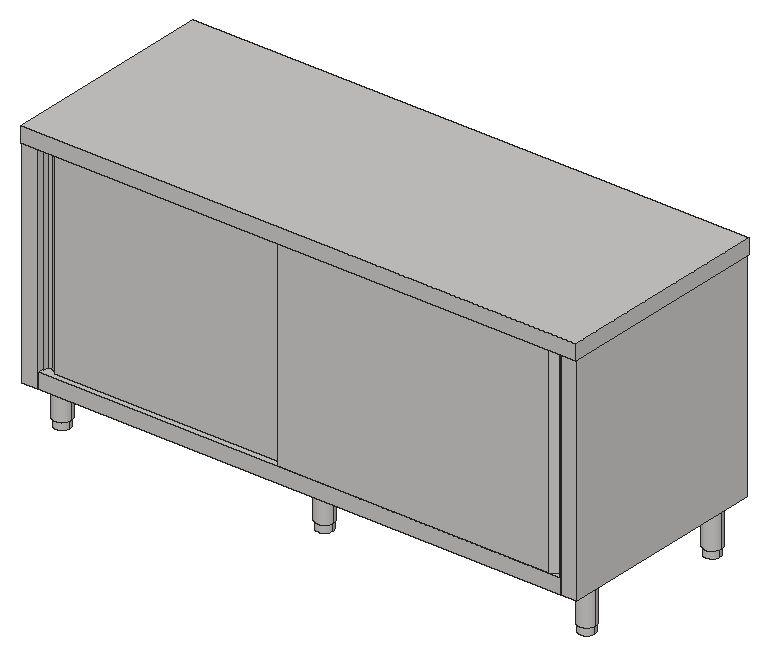
Revit family "QF_ZANUSSI_133247_MTND1800PN", category Attrezzature speciali, Revit 2020
Family settings
  Quota connettore circolare = Usa diametro
  Tipo di parte = Normale
  Basato su piano di lavoro = No
  Sempre verticale = Sì
  Taglio con vuoti quando caricato = No
  Condiviso = No
  Punto di calcolo locali = No
Parameters (values of type "Standard")
  Weight = 70.00 kg
  Watts = 0 W
  Volts = 0 V
  URL Manufacturer = "http://www.zanussiprofessional.com"
  URL = "http://www.zanussiprofessional.com"
  Steam Supply Size = 0 mm
  Steam Supply Minimum Pressure = 0.0 Pa
  Steam Supply Maximum Pressure = 0.0 Pa
  Steam Consumption per Hour = 0
  Refrigeration Suction Line Size = 0.0 mm
  Refrigeration Liquid Line Size = 0.0 mm
  Refrigerant Compressor Remote = yes
  Prospetto di default = 0.0 mm
  Produttore = "Zanussi"
  Phase = 0
  Modello = "MTND1800PN"
  Length Actual = 1800.0 mm  # constant formula
  Item Number = "133247"
  Hot Water Size = 0 mm
  Height Actual = 900.0 mm  # constant formula
  HP = "0 HP"
  Gas Size = 0 mm
  Gas KW = 0
  Gas Input Pressure = 0 W
  Direct Waste Size = 0 mm
  Descrizione = "WORKTOP CUPB.PASSTH+SHELF+SLIDING D.1800"
  Depth Actual = 700.0 mm  # constant formula
  Cycle = 0 Hz
  Condensate Return Size = 0 mm
  Compressed Air Volume = 0.0 L/s
  Compressed Air Size = 0 mm
  Compressed Air Pressure = 0.0 Pa
  Cold Water Size = 0 mm
  Accessory = yes
Reference planes
  plane 1 "Center (Front/Back)": y = 0
  plane 2: z = 0
  plane 3 "Center (Left/Right)": x = -400
  plane 4 "LEFT": x = -1300
  plane 5 "RIGHT": x = 500
  plane 6 "BACK": y = 350
  plane 7 "FRONT": y = -350
  plane 8 "Base": z = 850
  plane 9 "TOP": z = 900
  plane 10: x = -1250
  plane 11: x = 450
  plane 12: y = 267
  plane 13: y = -241.9
  plane 14 "BodyLeft": x = -1299
  plane 15 "BodyFront": y = -344.5
  plane 16 "BodyRight": x = 499
  plane 17 "BodyBack": y = 344.5
  plane 18 "FEET": z = 150
  plane 19: x = -330
  plane 20: x = -470
Forms (mm)
  Extrusion 1, solid, material "QF_Finishes_Stainless Steel"
    sketch origin (-400, 0, 0) x (0, 1, 0) y (0, 0, 1)
      loop
        line (-350, 850) -> (350, 850) -> (350, 900) -> (-350, 900) -> (-350, 850)
    from 900 to -900
  Extrusion 2, solid, material "QF_Finishes_Stainless Steel"
    sketch origin (0, 0, 150) x (-1, 0, 0) y (0, -1, 0)
      loop
        line (1299, -344.5) -> (1299, 344.5) -> (1249, 344.5) -> (1249, -344.5) -> (1299, -344.5)
      loop
        line (-449, -344.5) -> (-449, 344.5) -> (-499, 344.5) -> (-499, -344.5) -> (-449, -344.5)
    from 0 to 700
  Extrusion 3, solid, material "QF_Finishes_Stainless Steel"
    sketch origin (0, 0, 150) x (-1, 0, 0) y (0, -1, 0)
      loop
        line (1249, -344.5) -> (1249, 344.5) -> (-449, 344.5) -> (-449, -344.5) -> (1249, -344.5)
    from 0 to 50
  Extrusion 4, solid, material "QF_Finishes_Stainless Steel"
    sketch origin (0, 0, 150) x (-1, 0, 0) y (0, -1, 0)
      loop
        line (-449, 344.5) -> (-449, 324.5) -> (470, 324.5) -> (470, 344.5) -> (-409, 344.5) -> (-429, 329.5) -> (-444, 329.5) -> (-444, 344.5) -> (-449, 344.5)
    from 50 to 700
  Extrusion 5, solid, material "QF_Finishes_Stainless Steel"
    sketch origin (0, 20, 150) x (1, 0, 0) y (0, 1, 0)
      loop
        line (-1249, -344.5) -> (-1244, -344.5) -> (-1244, -329.5) -> (-1229, -329.5) -> (-1209, -344.5) -> (-330, -344.5) -> (-330, -324.5) -> (-1249, -324.5) -> (-1249, -344.5)
    from 50 to 700
  Extrusion 6, solid, material "QF_Finishes_Stainless Steel"
    sketch origin (0, 0, 150) x (-1, 0, 0) y (0, -1, 0)
      loop
        line (-447.6, -344.5) -> (-442.6, -344.5) -> (-442.6, -329.5) -> (-427.6, -329.5) -> (-407.6, -344.5) -> (470, -344.5) -> (470, -324.5) -> (-447.6, -324.5) -> (-447.6, -344.5)
    from 50 to 700
  Extrusion 7, solid, material "QF_Finishes_Stainless Steel"
    sketch origin (0, -20, 150) x (1, 0, 0) y (0, 1, 0)
      loop
        line (-1247.6, 344.5) -> (-1247.6, 324.5) -> (-330, 324.5) -> (-330, 344.5) -> (-1207.6, 344.5) -> (-1227.6, 329.5) -> (-1242.6, 329.5) -> (-1242.6, 344.5) -> (-1247.6, 344.5)
    from 50 to 700
  Extrusion 8, solid, material "QF_Finishes_Stainless Steel"
    sketch origin (0, 0, 0) x (1, 0, 0) y (0, 1, 0)
      loop
        line (-1249, -304.5) -> (449, -304.5) -> (449, 304.5) -> (-1249, 304.5) -> (-1249, -304.5)
    from 500 to 540
Lines and regions (mm)
  symbolic lines
    curve 1: line (500, 350, 900) -> (-1300, 350, 900)
    curve 2: line (-1300, 350, 900) -> (-1300, -350, 900)
    curve 3: line (-1300, -350, 900) -> (500, -350, 900)
    curve 4: line (500, -350, 900) -> (500, 350, 900)
  symbolic lines, style "SpecialityEquipmentHiddenLines"
    curve 5: line (-1299, 344.5, 150) -> (499, 344.5, 150)
    curve 6: line (-1299, -344.5, 150) -> (-1299, 344.5, 150)
    curve 7: line (499, -344.5, 150) -> (-1299, -344.5, 150)
    curve 8: line (499, 344.5, 150) -> (499, -344.5, 150)
    curve 9: line (-1249, -304.5, 150) -> (-330, -304.5, 150)
    curve 10: line (-330, -304.5, 150) -> (-330, -324.5, 150)
    curve 11: line (-1249, -324.5, 150) -> (449, -324.5, 150)
    curve 12: line (449, -324.5, 150) -> (449, -344.5, 150)
    curve 13: line (-470, -324.5, 150) -> (-470, -344.5, 150)
    curve 14: line (-1249, -304.5, 150) -> (-1249, -324.5, 150)
Dimensions and locks
  plane 4 "LEFT" to plane 5 "RIGHT" = 1800.0 mm
  equal spacing: plane 4 "LEFT", plane 3 "Center (Left/Right)", plane 5 "RIGHT"
  locked: plane 8 "Base" to level at 850
  plane 9 "TOP" to level = 900.0 mm
  plane 6 "BACK" to plane 7 "FRONT" = 700.0 mm
  equal spacing: plane 6 "BACK", plane 1 "Center (Front/Back)", plane 7 "FRONT"
  locked: plane 4 "LEFT" to plane 14 "BodyLeft" at 1
  locked: plane 16 "BodyRight" to plane 5 "RIGHT" at 1
  locked: plane 15 "BodyFront" to plane 7 "FRONT" at 5.5
  locked: plane 6 "BACK" to plane 17 "BodyBack" at 5.5
  locked: plane 14 "BodyLeft" to plane 10 at 49
  locked: plane 11 to plane 16 "BodyRight" at 49
  locked: plane 13 to plane 15 "BodyFront" at 102.6
  locked: plane 17 "BodyBack" to plane 12 at 77.5
  plane 10 to plane 11 = 1700.0 mm
  plane 12 to plane 13 = 508.9 mm
  locked: plane 14 "BodyLeft" to Extrusion 2 sketch curve at 50
  locked: Extrusion 2 sketch curve to Extrusion 2 sketch curve at 50
  plane 20 to plane 3 "Center (Left/Right)" = 70.0 mm
  plane 3 "Center (Left/Right)" to plane 19 = 70.0 mm
  locked: plane 18 "FEET" to level at 150
  aligned and locked: level to plane 2
  aligned and locked: plane 10 to nested 1
  aligned and locked: nested 1 to plane 13
  aligned and locked: plane 11 to nested 2
  aligned and locked: nested 2 to plane 13
  aligned and locked: plane 11 to nested 4
  aligned and locked: nested 4 to plane 12
  aligned and locked: plane 10 to nested 3
  aligned and locked: nested 3 to plane 12
  aligned and locked: Extrusion 1 to plane 4 "LEFT"
  aligned and locked: plane 5 "RIGHT" to Extrusion 1
  aligned and locked: curve 2 to plane 4 "LEFT"
  aligned and locked: plane 17 "BodyBack" to Extrusion 2 sketch curve
  aligned and locked: Extrusion 2 sketch curve to plane 15 "BodyFront"
  aligned and locked: Extrusion 2 sketch curve to plane 14 "BodyLeft"
  aligned and locked: plane 16 "BodyRight" to Extrusion 2 sketch curve
  aligned and locked: Extrusion 2 sketch curve to plane 17 "BodyBack"
  aligned and locked: plane 15 "BodyFront" to Extrusion 2 sketch curve
  aligned and locked: Extrusion 3 sketch curve to plane 17 "BodyBack"
  aligned and locked: plane 15 "BodyFront" to Extrusion 3 sketch curve
  aligned and locked: plane 8 "Base" to Extrusion 2
  aligned and locked: plane 8 "Base" to Extrusion 4
  aligned and locked: Extrusion 4 to Extrusion 3
  aligned and locked: Extrusion 5 sketch curve to plane 19
  aligned and locked: Extrusion 4 sketch curve to plane 20
  aligned and locked: Extrusion 1 to plane 8 "Base"
  aligned and locked: plane 9 "TOP" to Extrusion 1
  aligned and locked: curve 5 to plane 17 "BodyBack"
  aligned and locked: plane 14 "BodyLeft" to curve 6
  aligned and locked: plane 15 "BodyFront" to curve 7
  aligned and locked: plane 16 "BodyRight" to curve 8
  aligned and locked: Extrusion 3 to Extrusion 2  (x2)
  aligned and locked: Extrusion 8 sketch curve to Extrusion 7
  aligned and locked: Extrusion 8 sketch curve to Extrusion 2  (x2)
  aligned and locked: Extrusion 8 sketch curve to Extrusion 5
  aligned and locked: plane 3 "Center (Left/Right)" to nested 5
  aligned and locked: plane 3 "Center (Left/Right)" to nested 6
Automatic sketch dimensions
  curve 3 to plane 7 "FRONT" = 0.0 mm
  curve 4 to plane 6 "BACK" = 0.0 mm
  Extrusion 1 sketch curve to plane 7 "FRONT" = 0.0 mm
  Extrusion 1 sketch curve to plane 6 "BACK" = 0.0 mm
  Extrusion 1 sketch curve to plane 8 "Base" = 0.0 mm
  Extrusion 1 sketch curve to plane 9 "TOP" = 0.0 mm
  Extrusion 3 sketch curve to plane 11 = 1.0 mm
  plane 10 to Extrusion 3 sketch curve = 1.0 mm
  Extrusion 4 sketch curve to plane 15 "BodyFront" = 0.0 mm  (x2)
  Extrusion 4 sketch curve to plane 11 = 41.0 mm
  Extrusion 4 sketch curve to plane 11 = 21.0 mm
  Extrusion 4 sketch curve to plane 11 = 6.0 mm
  Extrusion 4 sketch curve to plane 11 = 1.0 mm
  plane 15 "BodyFront" to Extrusion 4 sketch curve = 15.0 mm
  plane 15 "BodyFront" to Extrusion 4 sketch curve = 20.0 mm
  Extrusion 5 sketch curve to plane 15 "BodyFront" = 20.0 mm  (x2)
  Extrusion 5 sketch curve to plane 10 = 41.0 mm
  Extrusion 5 sketch curve to plane 10 = 21.0 mm
  Extrusion 5 sketch curve to plane 10 = 6.0 mm
  Extrusion 5 sketch curve to plane 10 = 1.0 mm
  Extrusion 5 sketch curve to Extrusion 5 sketch curve = 15.0 mm
  Extrusion 5 sketch curve to Extrusion 5 sketch curve = 20.0 mm
  curve 10 to plane 19 = 0.0 mm
  curve 13 to plane 20 = 0.0 mm
  curve 11 to plane 11 = 1.0 mm
  plane 10 to curve 11 = 1.0 mm
  plane 15 "BodyFront" to curve 9 = 40.0 mm
  curve 12 to curve 12 = 20.0 mm
  Extrusion 6 sketch curve to plane 17 "BodyBack" = 0.0 mm  (x2)
  Extrusion 6 sketch curve to plane 20 = 0.0 mm
  plane 11 to Extrusion 6 sketch curve = 42.4 mm
  plane 11 to Extrusion 6 sketch curve = 22.4 mm
  plane 11 to Extrusion 6 sketch curve = 7.4 mm
  plane 11 to Extrusion 6 sketch curve = 2.4 mm
  plane 17 "BodyBack" to Extrusion 6 sketch curve = 15.0 mm
  plane 17 "BodyBack" to Extrusion 6 sketch curve = 20.0 mm
  Extrusion 7 sketch curve to plane 19 = 0.0 mm
  Extrusion 7 sketch curve to plane 17 "BodyBack" = 20.0 mm  (x2)
  plane 10 to Extrusion 7 sketch curve = 42.4 mm
  plane 10 to Extrusion 7 sketch curve = 22.4 mm
  plane 10 to Extrusion 7 sketch curve = 7.4 mm
  plane 10 to Extrusion 7 sketch curve = 2.4 mm
  Extrusion 7 sketch curve to Extrusion 7 sketch curve = 15.0 mm
  Extrusion 7 sketch curve to Extrusion 7 sketch curve = 20.0 mm
  curve 4 to plane 5 "RIGHT" = 0.0 mm
Nested families
  nested 1: "FEET_D58-150" at (-1250, -241.9, 0), type "FEET_D58-150"
  nested 2: "FEET_D58-150" at (450, -241.9, 0), type "FEET_D58-150"
  nested 3: "FEET_D58-150" at (-1250, 267, 0), type "FEET_D58-150"
  nested 4: "FEET_D58-150" at (450, 267, 0), type "FEET_D58-150"
  nested 5: "FEET_D58-150" at (-400, -241.9, 0), type "FEET_D58-150"
  nested 6: "FEET_D58-150" at (-400, 267, 0), type "FEET_D58-150"
Definition of nested family "FEET_D58-150"
  Parameters
    Default Elevation = 0.0 mm
    FEET = 150.0 mm
  Reference planes
    plane 1 "Center (Front/Back)": y = 0
    plane 2: z = 0
    plane 3 "Center (Left/Right)": x = 0
    plane 4: z = 150
  Forms (mm)
    Extrusion 1, solid
      sketch origin (0, 0, 0) x (1, 0, 0) y (0, 1, 0)
        loop
          circle (0, 0) r 25
      from 0 to 25
    Extrusion 2, solid
      sketch origin (0, 0, 0) x (1, 0, 0) y (0, 1, 0)
        loop
          circle (0.061, 0) r 29
      from 25 to 150 <- "FEET"
  Lines and regions (mm)
    symbolic lines
      curve 1: line (0, -1.503, 0) -> (0, 1.508, 0)
      curve 2: line (1.561, 0, 0) -> (-1.439, 0, 0)
  Dimensions and locks
    "FEET": plane 4 to plane 2
    aligned and locked: level to plane 2
  Automatic sketch dimensions
    plane 1 "Center (Front/Back)" to Extrusion 1 sketch curve = 0.0 mm
    Extrusion 1 sketch curve to plane 3 "Center (Left/Right)" = 0.0 mm
    plane 1 "Center (Front/Back)" to curve 2 = 0.0 mm
    curve 1 to plane 3 "Center (Left/Right)" = 0.0 mm
    curve 2 to plane 3 "Center (Left/Right)" = 1.439 mm
    plane 3 "Center (Left/Right)" to curve 2 = 1.561 mm
    plane 1 "Center (Front/Back)" to curve 1 = 1.503 mm
    curve 1 to plane 1 "Center (Front/Back)" = 1.508 mm
    plane 1 "Center (Front/Back)" to Extrusion 2 sketch curve = 0.0 mm
    plane 3 "Center (Left/Right)" to Extrusion 2 sketch curve = 0.061 mm
    radius of Extrusion 1 sketch curve = 25.0 mm
    radius of Extrusion 2 sketch curve = 29.0 mm
